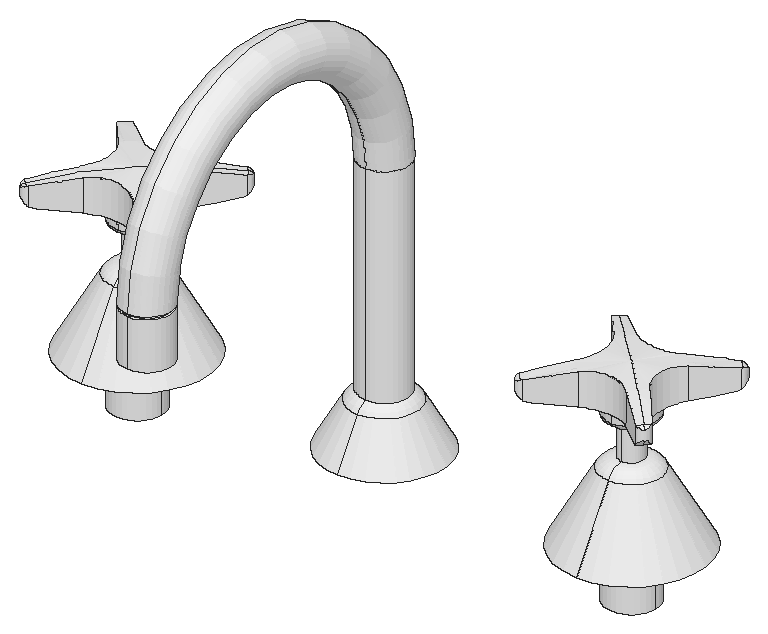
Revit family "Tap-Basin Set-Caroma Elegance II1", category Plumbing Fixtures, host Face, Revit 2013
Parameters (values of type "Standard")
  Waste Connection = no
  Vent Connection = no
  URL = "http://www.caroma.com.au/"
  Type Comments = "Caroma Elegance II Basin Set"  # constant formula
  Model = "631171C5A"  # constant formula
  Material_ANZRS = Metal-Chrome-Caroma
  Manufacturer = "GWA Bathrooms & Kitchens"  # constant formula
  HWFU = 1  # constant formula
  HW Connection = yes
  Description = "WELS 5 Star rated, 6L/min"  # constant formula
  Default Elevation = 0 mm
  CreatedBy_ANZRS = "Design Content"  # constant formula
  CreatedByURL_ANZRS = "www.designcontent.com.au"
  Cost = 0
  Connector Radius = 10 mm
  CWFU = 1  # constant formula
  CW Connection = yes
  Assembly Code = "C1030210"
Reference planes
  plane 1 "Center (Front/Back)": y = 0
  plane 2: z = 0
  plane 3 "Center (Left/Right)": x = 0
  plane 4 "Hot": x = -100
  plane 5 "Cold": x = 100
Forms (mm)
  Extrusion 1, solid, material "Metal-Chrome-Caroma" <- "Material_ANZRS"
    sketch origin (-50, 0, 0) x (1, 0, 0) y (0, 1, 0)
      loop
        circle (-50, 0) r 10
    from -20 to 0
  Extrusion 2, solid, material "Metal-Chrome-Caroma" <- "Material_ANZRS"
    sketch origin (50, 0, 0) x (-1, 0, 0) y (0, -1, 0)
      loop
        circle (-50, 0) r 10
    from -20 to 0
  Revolve 3, solid, material "Metal-Chrome-Caroma" <- "Material_ANZRS"
    sketch origin (0, 0, 0) x (0, 1, 0) y (0, 0, 1)
      loop
        line (0, 0) -> (23.357, 0) -> (13.206, 17.581)
        arc (13.206, 17.581) -> (11.602, 19.646) -> (9.5, 21.2) r 9.577
        line (9.5, 21.2) -> (9.5, 105) -> (0, 105) -> (0, 0)
      axis (0, 0) -> (0, 105)
    angle from 0 to 360
  Sweep 4, solid, material "Metal-Chrome-Caroma" <- "Material_ANZRS"
    path origin (0, 0, 0) x (0, 1, 0) y (0, 0, 1)
      loop
        arc (0, 105) -> (-60, 165) -> (-120, 105) r 60
    profile origin (0, -60, 165) x (0, 0, -1) y (1, 0, 0)
      loop
        circle (0, 0) r 9.5
  Revolve 5, solid, material "Metal-Chrome-Caroma" <- "Material_ANZRS"
    sketch origin (0, 0, 0) x (0, 1, 0) y (0, 0, 1)
      loop
        line (-120, 105) -> (-120, 85) -> (-110.5, 85) -> (-110.5, 104) -> (-111.5, 104) -> (-111.5, 105) -> (-120, 105)
      axis (-120, 85) -> (-120, 105)
    angle from 0 to 360
  Revolve 6, solid, material "Metal-Chrome-Caroma" <- "Material_ANZRS"
    sketch origin (-100, -22.904, 1219.2) x (0, 1, 0) y (0, 0, 1)
      loop
        line (22.904, -1219.2) -> (50.759, -1219.2) -> (34.593, -1191.2)
        arc (34.593, -1191.2) -> (31.659, -1188.279) -> (27.654, -1187.235) r 7.931
        line (27.654, -1187.235) -> (27.654, -1172.7) -> (31.393, -1172.7)
        arc (31.393, -1172.7) -> (32.425, -1172.288) -> (32.89, -1171.279) r 1.5
        line (32.89, -1171.279) -> (33.159, -1166.149) -> (22.904, -1166.149) -> (22.904, -1219.2)
      axis (22.904, -1219.2) -> (22.904, -1166.149)
    angle from 0 to 360
  Revolve 7, solid, material "Metal-Chrome-Caroma" <- "Material_ANZRS"
    sketch origin (100, 30, 1219.2) x (0, 1, 0) y (0, 0, 1)
      loop
        line (-30, -1219.2) -> (-2.145, -1219.2) -> (-18.311, -1191.2)
        arc (-18.311, -1191.2) -> (-21.244, -1188.279) -> (-25.25, -1187.235) r 7.931
        line (-25.25, -1187.235) -> (-25.25, -1172.7) -> (-21.511, -1172.7)
        arc (-21.511, -1172.7) -> (-20.479, -1172.288) -> (-20.013, -1171.279) r 1.5
        line (-20.013, -1171.279) -> (-19.744, -1166.149) -> (-30, -1166.149) -> (-30, -1219.2)
      axis (-30, -1219.2) -> (-30, -1166.149)
    angle from 0 to 360
  Revolve 8, solid, material "Metal-Chrome-Caroma" <- "Material_ANZRS"
    sketch origin (-50, 50, 0) x (-0.707107, -0.707107, 0) y (0, 0, 1)
      loop
        line (70.711, 50.608) -> (70.711, 66.5)
        arc (70.711, 66.5) -> (52.897, 65.564) -> (35.28, 62.767) r 170
        arc (35.28, 62.767) -> (33.687, 61.728) -> (33.203, 59.889) r 2.645
        arc (33.203, 59.889) -> (34.913, 56.303) -> (38.48, 54.551) r 6.049
        line (38.48, 54.551) -> (70.711, 50.608)
      axis (70.711, 50.608) -> (70.711, 66.5)
    angle from 0 to 360
  Extrusion 9, void
    sketch origin (0, 0, 0) x (1, 0, 0) y (0, 1, 0)
      loop
        line (-122.824, -26.357) -> (-109.787, -15.133)
        arc (-109.787, -15.133) -> (-100, -11.5) -> (-90.213, -15.133) r 15
        line (-90.213, -15.133) -> (-77.176, -26.357)
        arc (-77.176, -26.357) -> (-73.77, -26.23) -> (-73.643, -22.824) r 2.505
        line (-73.643, -22.824) -> (-84.867, -9.787)
        arc (-84.867, -9.787) -> (-88.5, 0) -> (-84.867, 9.787) r 15
        line (-84.867, 9.787) -> (-73.643, 22.824)
        arc (-73.643, 22.824) -> (-73.77, 26.23) -> (-77.176, 26.357) r 2.505
        line (-77.176, 26.357) -> (-90.213, 15.133)
        arc (-90.213, 15.133) -> (-100, 11.5) -> (-109.787, 15.133) r 15
        line (-109.787, 15.133) -> (-122.824, 26.357)
        arc (-122.824, 26.357) -> (-126.23, 26.23) -> (-126.357, 22.824) r 2.505
        line (-126.357, 22.824) -> (-115.133, 9.787)
        arc (-115.133, 9.787) -> (-111.5, 0) -> (-115.133, -9.787) r 15
        line (-115.133, -9.787) -> (-126.357, -22.824)
        arc (-126.357, -22.824) -> (-126.23, -26.23) -> (-122.824, -26.357) r 2.505
      loop
        circle (-100, 0) r 44.623
      loop
        arc (122.824, -26.357) -> (126.23, -26.23) -> (126.357, -22.824) r 2.505
        line (126.357, -22.824) -> (115.133, -9.787)
        arc (115.133, -9.787) -> (111.5, 0) -> (115.133, 9.787) r 15
        line (115.133, 9.787) -> (126.357, 22.824)
        arc (126.357, 22.824) -> (126.23, 26.23) -> (122.824, 26.357) r 2.505
        line (122.824, 26.357) -> (109.787, 15.133)
        arc (109.787, 15.133) -> (100, 11.5) -> (90.213, 15.133) r 15
        line (90.213, 15.133) -> (77.176, 26.357)
        arc (77.176, 26.357) -> (73.77, 26.23) -> (73.643, 22.824) r 2.505
        line (73.643, 22.824) -> (84.867, 9.787)
        arc (84.867, 9.787) -> (88.5, 0) -> (84.867, -9.787) r 15
        line (84.867, -9.787) -> (73.643, -22.824)
        arc (73.643, -22.824) -> (73.77, -26.23) -> (77.176, -26.357) r 2.505
        line (77.176, -26.357) -> (90.213, -15.133)
        arc (90.213, -15.133) -> (100, -11.5) -> (109.787, -15.133) r 15
        line (109.787, -15.133) -> (122.824, -26.357)
      loop
        circle (100, 0) r 44.623
    from 50 to 100
  Revolve 10, solid, material "Metal-Chrome-Caroma" <- "Material_ANZRS"
    sketch origin (50, 50, 0) x (0.707107, -0.707107, 0) y (0, 0, -1)
      loop
        line (70.711, -50.608) -> (38.48, -54.551)
        arc (38.48, -54.551) -> (34.913, -56.303) -> (33.203, -59.889) r 6.049
        arc (33.203, -59.889) -> (33.687, -61.728) -> (35.28, -62.767) r 2.645
        arc (35.28, -62.767) -> (52.897, -65.564) -> (70.711, -66.5) r 170
        line (70.711, -66.5) -> (70.711, -50.608)
      axis (70.711, -50.608) -> (70.711, -66.5)
    angle from 0 to 360
Cuts and joins
  Extrusion 9 cuts Revolve 8
  Extrusion 9 cuts Revolve 10
  joined: Revolve 6, Revolve 7, Revolve 8, Revolve 10
Lines and regions (mm)
  Masking region 1
    outline origin (0, 0, 0) x (1, 0, 0) y (0, 1, 0)
      loop
        arc (-78.279, -17.439) -> (-72.145, 0) -> (-78.279, 17.439) r 27.855
        line (-78.279, 17.439) -> (-73.643, 22.824)
        arc (-73.643, 22.824) -> (-73.77, 26.23) -> (-77.176, 26.357) r 2.505
        line (-77.176, 26.357) -> (-82.561, 21.721)
        arc (-82.561, 21.721) -> (-100, 27.855) -> (-117.439, 21.721) r 27.855
        line (-117.439, 21.721) -> (-122.824, 26.357)
        arc (-122.824, 26.357) -> (-126.23, 26.23) -> (-126.357, 22.824) r 2.505
        line (-126.357, 22.824) -> (-121.721, 17.439)
        arc (-121.721, 17.439) -> (-127.855, 0) -> (-121.721, -17.439) r 27.855
        line (-121.721, -17.439) -> (-126.357, -22.824)
        arc (-126.357, -22.824) -> (-126.23, -26.23) -> (-122.824, -26.357) r 2.505
        line (-122.824, -26.357) -> (-117.439, -21.721)
        arc (-117.439, -21.721) -> (-100, -27.855) -> (-82.561, -21.721) r 27.855
        line (-82.561, -21.721) -> (-77.176, -26.357)
        arc (-77.176, -26.357) -> (-73.77, -26.23) -> (-73.643, -22.824) r 2.505
        line (-73.643, -22.824) -> (-78.279, -17.439)
      loop
        line (78.279, -17.439) -> (73.643, -22.824)
        arc (73.643, -22.824) -> (73.77, -26.23) -> (77.176, -26.357) r 2.505
        line (77.176, -26.357) -> (82.561, -21.721)
        arc (82.561, -21.721) -> (100, -27.855) -> (117.439, -21.721) r 27.855
        line (117.439, -21.721) -> (122.824, -26.357)
        arc (122.824, -26.357) -> (126.23, -26.23) -> (126.357, -22.824) r 2.505
        line (126.357, -22.824) -> (121.721, -17.439)
        arc (121.721, -17.439) -> (127.855, 0) -> (121.721, 17.439) r 27.855
        line (121.721, 17.439) -> (126.357, 22.824)
        arc (126.357, 22.824) -> (126.23, 26.23) -> (122.824, 26.357) r 2.505
        line (122.824, 26.357) -> (117.439, 21.721)
        arc (117.439, 21.721) -> (100, 27.855) -> (82.561, 21.721) r 27.855
        line (82.561, 21.721) -> (77.176, 26.357)
        arc (77.176, 26.357) -> (73.77, 26.23) -> (73.643, 22.824) r 2.505
        line (73.643, 22.824) -> (78.279, 17.439)
        arc (78.279, 17.439) -> (72.145, 0) -> (78.279, -17.439) r 27.855
      loop
        arc (9.5, -21.337) -> (0, 23.357) -> (-9.5, -21.337) r 23.357
        line (-9.5, -21.337) -> (-9.5, -120)
        arc (-9.5, -120) -> (0, -129.5) -> (9.5, -120) r 9.5
        line (9.5, -120) -> (9.5, -21.337)
  Masking region 2
    outline origin (0, 0, 0) x (0, 1, 0) y (0, 0, 1)
      loop
        line (27.855, 0) -> (11.697, 27.986)
        arc (11.697, 27.986) -> (10.707, 29.348) -> (9.456, 30.473) r 8.029
        line (9.456, 30.473) -> (9.456, 46.853)
        arc (9.456, 46.853) -> (9.826, 47.32) -> (9.985, 47.895) r 1.499
        line (9.985, 47.895) -> (10.169, 50.526)
        arc (10.169, 50.526) -> (10.691, 51.774) -> (11.864, 52.448) r 2.11
        arc (11.864, 52.448) -> (17.325, 53.514) -> (22.791, 54.551) r 1050.062
        arc (22.791, 54.551) -> (25.592, 56.028) -> (27.066, 58.831) r 5.348
        arc (27.066, 58.831) -> (27.171, 59.495) -> (27.237, 60.164) r 11.849
        arc (27.237, 60.164) -> (26.841, 61.651) -> (25.615, 62.581) r 2.37
        arc (25.615, 62.581) -> (17.624, 64.789) -> (9.456, 66.209) r 85.106
        line (9.456, 66.209) -> (9.456, 107.484)
        arc (9.456, 107.484) -> (-61.242, 174.489) -> (-129.5, 105) r 69.5
        line (-129.5, 105) -> (-129.5, 85) -> (-110.5, 85) -> (-110.5, 105)
        arc (-110.5, 105) -> (-60, 155.5) -> (-9.5, 105) r 50.5
        line (-9.5, 105) -> (-9.5, 66.204)
        arc (-9.5, 66.204) -> (-17.645, 64.784) -> (-25.615, 62.581) r 85.106
        arc (-25.615, 62.581) -> (-26.841, 61.651) -> (-27.237, 60.164) r 2.37
        arc (-27.237, 60.164) -> (-27.171, 59.495) -> (-27.066, 58.831) r 11.849
        arc (-27.066, 58.831) -> (-25.592, 56.028) -> (-22.791, 54.551) r 5.348
        arc (-22.791, 54.551) -> (-17.325, 53.514) -> (-11.864, 52.448) r 1050.062
        arc (-11.864, 52.448) -> (-10.691, 51.774) -> (-10.169, 50.526) r 2.11
        line (-10.169, 50.526) -> (-9.985, 47.895)
        arc (-9.985, 47.895) -> (-9.826, 47.32) -> (-9.456, 46.853) r 1.499
        line (-9.456, 46.853) -> (-9.456, 30.473)
        arc (-9.456, 30.473) -> (-10.707, 29.348) -> (-11.697, 27.986) r 8.029
        line (-11.697, 27.986) -> (-27.855, 0) -> (27.855, 0)
  Masking region 3
    outline origin (0, 0, 0) x (1, 0, 0) y (0, 0, 1)
      loop
        line (-127.855, 0) -> (-72.145, 0) -> (-88.303, 27.986)
        arc (-88.303, 27.986) -> (-91.239, 30.924) -> (-95.25, 32.001) r 8.029
        line (-95.25, 32.001) -> (-95.25, 46.5) -> (-91.511, 46.5)
        arc (-91.511, 46.5) -> (-90.488, 46.903) -> (-90.015, 47.895) r 1.499
        line (-90.015, 47.895) -> (-89.831, 50.526)
        arc (-89.831, 50.526) -> (-89.309, 51.774) -> (-88.136, 52.448) r 2.11
        arc (-88.136, 52.448) -> (-82.675, 53.514) -> (-77.209, 54.551) r 1050.062
        arc (-77.209, 54.551) -> (-74.408, 56.028) -> (-72.934, 58.831) r 5.348
        arc (-72.934, 58.831) -> (-72.829, 59.495) -> (-72.763, 60.164) r 11.849
        arc (-72.763, 60.164) -> (-73.159, 61.651) -> (-74.385, 62.581) r 2.37
        arc (-74.385, 62.581) -> (-82.376, 64.789) -> (-90.544, 66.209) r 85.106
        arc (-90.544, 66.209) -> (-100, 66.793) -> (-109.456, 66.209) r 76.812
        arc (-109.456, 66.209) -> (-117.624, 64.789) -> (-125.615, 62.581) r 85.106
        arc (-125.615, 62.581) -> (-126.841, 61.651) -> (-127.237, 60.164) r 2.37
        arc (-127.237, 60.164) -> (-127.171, 59.495) -> (-127.066, 58.831) r 11.849
        arc (-127.066, 58.831) -> (-125.592, 56.028) -> (-122.791, 54.551) r 5.348
        arc (-122.791, 54.551) -> (-117.325, 53.514) -> (-111.864, 52.448) r 1050.062
        arc (-111.864, 52.448) -> (-110.691, 51.774) -> (-110.169, 50.526) r 2.11
        line (-110.169, 50.526) -> (-109.985, 47.895)
        arc (-109.985, 47.895) -> (-109.512, 46.903) -> (-108.489, 46.5) r 1.499
        line (-108.489, 46.5) -> (-104.75, 46.5) -> (-104.75, 32.001)
        arc (-104.75, 32.001) -> (-108.761, 30.924) -> (-111.697, 27.986) r 8.029
        line (-111.697, 27.986) -> (-127.855, 0)
      loop
        line (127.855, 0) -> (111.697, 27.986)
        arc (111.697, 27.986) -> (108.761, 30.924) -> (104.75, 32.001) r 8.029
        line (104.75, 32.001) -> (104.75, 46.5) -> (108.489, 46.5)
        arc (108.489, 46.5) -> (109.512, 46.903) -> (109.985, 47.895) r 1.499
        line (109.985, 47.895) -> (110.169, 50.526)
        arc (110.169, 50.526) -> (110.691, 51.774) -> (111.864, 52.448) r 2.11
        arc (111.864, 52.448) -> (117.325, 53.514) -> (122.791, 54.551) r 1050.062
        arc (122.791, 54.551) -> (125.592, 56.028) -> (127.066, 58.831) r 5.348
        arc (127.066, 58.831) -> (127.171, 59.495) -> (127.237, 60.164) r 11.849
        arc (127.237, 60.164) -> (126.841, 61.651) -> (125.615, 62.581) r 2.37
        arc (125.615, 62.581) -> (117.624, 64.789) -> (109.456, 66.209) r 85.106
        arc (109.456, 66.209) -> (100, 66.793) -> (90.544, 66.209) r 76.812
        arc (90.544, 66.209) -> (82.376, 64.789) -> (74.385, 62.581) r 85.106
        arc (74.385, 62.581) -> (73.159, 61.651) -> (72.763, 60.164) r 2.37
        arc (72.763, 60.164) -> (72.829, 59.495) -> (72.934, 58.831) r 11.849
        arc (72.934, 58.831) -> (74.408, 56.028) -> (77.209, 54.551) r 5.348
        arc (77.209, 54.551) -> (82.675, 53.514) -> (88.136, 52.448) r 1050.062
        arc (88.136, 52.448) -> (89.309, 51.774) -> (89.831, 50.526) r 2.11
        line (89.831, 50.526) -> (90.015, 47.895)
        arc (90.015, 47.895) -> (90.488, 46.903) -> (91.511, 46.5) r 1.499
        line (91.511, 46.5) -> (95.25, 46.5) -> (95.25, 32.001)
        arc (95.25, 32.001) -> (91.239, 30.924) -> (88.303, 27.986) r 8.029
        line (88.303, 27.986) -> (72.145, 0) -> (127.855, 0)
      loop
        line (-13.218, 17.567) -> (-23.361, 0) -> (0, 0) -> (23.361, 0) -> (13.218, 17.567)
        arc (13.218, 17.567) -> (11.609, 19.639) -> (9.5, 21.2) r 9.626
        line (9.5, 21.2) -> (9.5, 165.047)
        arc (9.5, 165.047) -> (0, 174.547) -> (-9.5, 165.047) r 9.5
        line (-9.5, 165.047) -> (-9.5, 21.2)
        arc (-9.5, 21.2) -> (-11.609, 19.639) -> (-13.218, 17.567) r 9.626
  symbolic lines
    curve 1: arc (-109.787, 15.133, 0) -> (-100, 11.5, 0) -> (-90.213, 15.133, 0) r 15
    curve 2: line (-122.824, 26.357, 0) -> (-109.787, 15.133, 0)
    curve 3: line (-90.213, 15.133, 0) -> (-77.176, 26.357, 0)
    curve 4: line (-73.643, 22.824, 0) -> (-84.867, 9.787, 0)
    curve 5: arc (-84.867, 9.787, 0) -> (-88.5, 0, 0) -> (-84.867, -9.787, 0) r 15
    curve 6: line (-84.867, -9.787, 0) -> (-73.643, -22.824, 0)
    curve 7: line (-77.176, -26.357, 0) -> (-90.213, -15.133, 0)
    curve 8: arc (-90.213, -15.133, 0) -> (-100, -11.5, 0) -> (-109.787, -15.133, 0) r 15
    curve 9: line (-109.787, -15.133, 0) -> (-122.824, -26.357, 0)
    curve 10: line (-126.357, -22.824, 0) -> (-115.133, -9.787, 0)
    curve 11: arc (-115.133, -9.787, 0) -> (-111.5, 0, 0) -> (-115.133, 9.787, 0) r 15
    curve 12: line (-115.133, 9.787, 0) -> (-126.357, 22.824, 0)
    curve 13: arc (9.5, 0, 0) -> (0, 9.5, 0) -> (-9.5, 0, 0) r 9.5
    curve 14: line (-9.5, 0, 0) -> (-9.5, -120, 0)
    curve 15: line (9.5, 0, 0) -> (9.5, -120, 0)
    curve 16: line (90.213, 15.133, 0) -> (77.176, 26.357, 0)
    curve 17: line (73.643, 22.824, 0) -> (84.867, 9.787, 0)
    curve 18: arc (84.867, 9.787, 0) -> (88.5, 0, 0) -> (84.867, -9.787, 0) r 15
    curve 19: line (84.867, -9.787, 0) -> (73.643, -22.824, 0)
    curve 20: line (77.176, -26.357, 0) -> (90.213, -15.133, 0)
    curve 21: arc (90.213, -15.133, 0) -> (100, -11.5, 0) -> (109.787, -15.133, 0) r 15
    curve 22: line (109.787, -15.133, 0) -> (122.824, -26.357, 0)
    curve 23: line (126.357, -22.824, 0) -> (115.133, -9.787, 0)
    curve 24: arc (115.133, -9.787, 0) -> (111.5, 0, 0) -> (115.133, 9.787, 0) r 15
    curve 25: line (115.133, 9.787, 0) -> (126.357, 22.824, 0)
    curve 26: arc (109.787, 15.133, 0) -> (100, 11.5, 0) -> (90.213, 15.133, 0) r 15
    curve 27: line (122.824, 26.357, 0) -> (109.787, 15.133, 0)
    curve 28: line (0, -5.5, 31.965) -> (0, 5.5, 31.965)
    curve 29: line (0, 8.489, 46.5) -> (0, -8.489, 46.5)
    curve 30: line (0, -4.75, 46.5) -> (0, -4.75, 31.965)
    curve 31: line (0, 4.75, 46.5) -> (0, 4.75, 31.965)
    curve 32: arc (0, 11.697, 27.986) -> (0, 9.081, 30.728) -> (0, 5.5, 31.965) r 8.029
    curve 33: arc (0, -5.5, 31.965) -> (0, -9.081, 30.728) -> (0, -11.697, 27.986) r 8.029
    curve 34: arc (0, 8.489, 46.5) -> (0, 9.512, 46.903) -> (0, 9.985, 47.895) r 1.499
    curve 35: arc (0, -9.985, 47.895) -> (0, -9.512, 46.903) -> (0, -8.489, 46.5) r 1.499
    curve 36: arc (0, 9.456, 66.209) -> (0, -0.022, 66.932) -> (0, -9.5, 66.204) r 62.29
    curve 37: line (0, -110.5, 105) -> (0, -129.5, 105)
    curve 38: line (9.5, 0, 85) -> (-9.5, 0, 85)
    curve 39: line (-9.5, 0, 21.2) -> (9.5, 0, 21.2)
    curve 40: line (-104.75, 0, 32.001) -> (-95.263, 0, 32.001)
    curve 41: line (-104.75, 0, 46.5) -> (-95.25, 0, 46.5)
    curve 42: line (95.25, 0, 46.5) -> (104.75, 0, 46.5)
    curve 43: line (95.25, 0, 32.001) -> (104.75, 0, 32.001)
Dimensions and locks
  aligned and locked: plane 2 to host face
  aligned and locked: level to host face
Connectors
  piping at (-100, 0, -20), driven by "Connector Radius", driven by "HWFU"
    settings: on Extrusion 1, index 1, connector radius 0.3937", flow factor 0, pipe flow 0 GPM, pressure drop 0.00 psi, fitting loss kfactor 0, connector angle 0.00°, fixture units 1, engagement length 0 mm, flow configuration 3, flow direction 1, fitting loss method 1, system type 19, joint type 0, gender type 0, connector reference index -1, connector utility 0, adjustable connector no, is connector primary yes, fitting loss table "Inward Projecting Pipe", connector description "Hot"
  piping at (100, 0, -20), driven by "Connector Radius", driven by "CWFU"
    settings: on Extrusion 2, index 2, connector radius 0.3937", flow factor 0, pipe flow 0 GPM, pressure drop 0.00 psi, fitting loss kfactor 0, connector angle 0.00°, fixture units 1, engagement length 0 mm, flow configuration 3, flow direction 1, fitting loss method 1, system type 20, joint type 0, gender type 0, connector reference index -1, connector utility 0, adjustable connector no, is connector primary no, fitting loss table "Inward Projecting Pipe", connector description "Cold Water Inlet"
